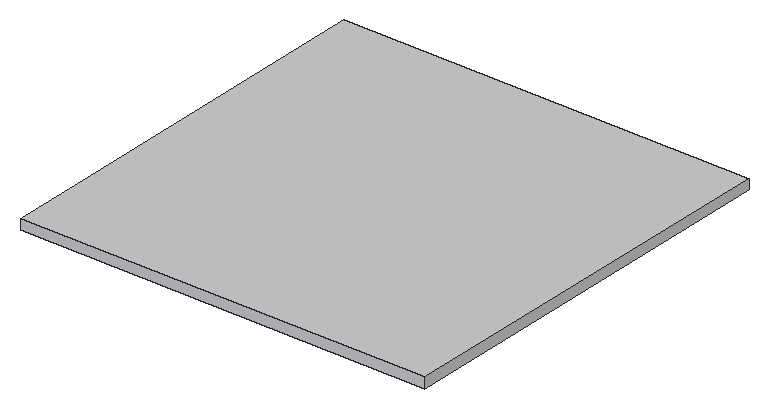
Revit family "PRESTO XT-LM PALANCA con llaves de paso", category Aparatos sanitarios, Revit 2015
Parameters (values of type "26242")
  URL = "http://www.prestoiberica.com/lavabo/temporizada-xt/presto-xt-lm-palanca?c=es"
  Teléfono = "(+34) 915 782 575"
  TIPO DE AGUA = "Fria/Caliente"
  REFERENCIA = "26242"
  Presión Máxima = "5 bar"
  PESO BRUTO = "1.118 Kg"
  Modelo = "PRESTO XT LM PALANCA"
  Material = LATON CROMADO
  Imagen de tipo = <Ninguno>
  Fabricante = "PRESTO IBÉRICA"
  Default Elevation = 1219.2 mm
  ENTRADA = "Latiguillos flexibles de 1/2''"
  Descripción = "Grifo temporizado mezclador para instalación sobre repisa con cuerpo de latón cromado."
  Código de montaje = "C1030220"
  Contacto = "info@prestoiberica.com"
  Conexión AF = yes
  Conexión AC = yes
  Comentarios de tipo = "Cuerpo y pulsador en latón cromado, piezas interiores en materiales resistentes a la corrosión y a las incrustaciones calcáreas\r\n◦Suministrado con brida, latiguillos flexible en acero inoxidable de ½” y 350 mm de longitud y juntas.\r\nVálvulas antirretorno que impiden la intercomunicación del agua fría y caliente"
  CIERRE = "Automático en 15 seg."
  CAUDAL = "6 L/Min"
  Accionamiento = "Por pulsador"
Reference planes
  plane 1 "Centro (Frontal/Posterior)": y = 0
  plane 2: z = 0
  plane 3 "Centro (Izquierda/Derecha)": x = 0
Forms (mm)
  Extrusion 1, solid
    sketch origin (0, 0, 0) x (1, 0, 0) y (0, 1, 0)
      loop
        line (-100, 100) -> (-100, -100) -> (100, -100) -> (100, 100) -> (-100, 100)
    from 0 to -5
Lines and regions (mm)
  Masking region 1
    outline origin (0, 0, 0) x (1, 0, 0) y (0, 0, 1)
      loop
        line (-19, 2.962) -> (-29.958, 0.898) -> (-29.958, 0) -> (29.958, 0) -> (29.958, 0.898) -> (19, 2.962) -> (19, 103.962) -> (12.5, 103.962) -> (12.5, 114.762) -> (17.5, 114.762) -> (17.5, 131.462) -> (-17.5, 131.462) -> (-17.5, 114.762) -> (-12.5, 114.762) -> (-12.5, 103.962) -> (-19, 103.962) -> (-19, 2.962)
  symbolic lines
    curve 1: line (12.5, 0, 114.762) -> (-12.5, 0, 114.762)
    curve 2: line (-12.5, 0, 103.962) -> (12.5, 0, 103.962)
    curve 3: line (19, 0, 2.962) -> (-19, 0, 2.962)
    curve 4: line (29.958, 0, 0.898) -> (-29.958, 0, 0.898)
Dimensions and locks
  Extrusion 1 sketch curve to plane 1 "Centro (Frontal/Posterior)" = 100 mm
  aligned and locked: plane 2 to Extrusion 1
  aligned and locked: level to Extrusion 1
  aligned and locked: import instance to level
Connectors
  piping at (0, -6.5, -10), diameter 12.7
    settings: on import instance, index 1, connector inside diameter 609.6 mm, connector length 0 mm, flow factor 0, pipe flow 0.0 L/s, pressure drop 0.0 Pa, fitting loss kfactor 0, connector angle 0.00°, fixture units 0, engagement length 0 mm, angle of deflection 0.00°, flow configuration 0, flow direction 1, fitting loss method 0, system type 19, joint type 0, gender type 0, connector reference index -1, connector utility 0, adjustable connector no, is connector primary yes, connector description ""
  piping at (0, 6.5, -10), diameter 12.7
    settings: on import instance, index 2, connector inside diameter 609.6 mm, connector length 0 mm, flow factor 0, pipe flow 0.0 L/s, pressure drop 0.0 Pa, fitting loss kfactor 0, connector angle 0.00°, fixture units 0, engagement length 0 mm, angle of deflection 0.00°, flow configuration 0, flow direction 1, fitting loss method 0, system type 20, joint type 0, gender type 0, connector reference index -1, connector utility 0, adjustable connector no, is connector primary no, connector description ""
